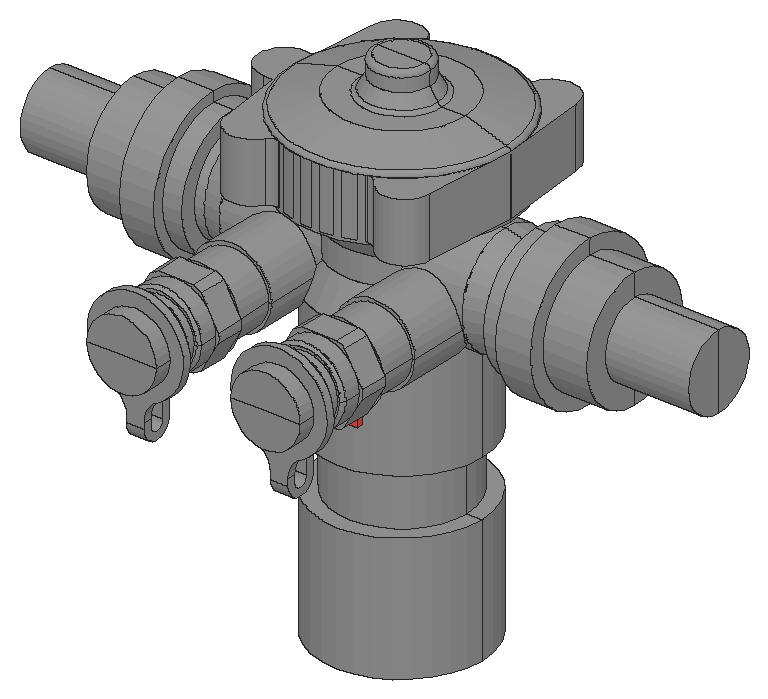
Revit family "Комби-клапан – регулятор расхода 4006_M_SMART_LF_MF", category Rohrzubehör, Revit 2018
Family settings
  Bemaßung runder Anschluss = Durchmesser verwenden
  Teiletyp = Unterbricht
  OmniClass-Nummer = 23.65.55.14
  OmniClass-Titel = Valves for Liquid Services
  Arbeitsebenenbasiert = Nein
  Immer vertikal = Ja
  Beim Laden mit Abzugskörper schneiden = Nein
  Gemeinsam genutzt = Nein
Parameters (values of type "MF")
  Номер заказа резьбового соединения [instance] = if(and(LF, Nennweite = 15.000 mm), 1621011, if(and(MF, Nennweite = 15.000 mm), 1621002, 0))  # 1621002
  Номер заказа [instance] = if(and(LF, Nennweite = 15.000 mm), 1400620, if(and(MF, Nennweite = 15.000 mm), 1400629, 0))  # 1400629
  Мин. рабочая температура (чистая вода) = 2 °C  # constant formula
  Мин. рабочая температура (антифриз) = -20 °C  # constant formula
  Макс. рабочая температура от DN40 = 110 °C  # constant formula
  Макс. рабочая температура до DN32 = 130 °C  # constant formula
  Макс. рабочее давление = 1600000.0 Pa  # constant formula
  Среда = "Качество теплоносителя в соответствии с ÖNORM H5195 и/или предписаниями VDI-Standard 2035.\nРазрешается использование смеси этилен- или пропиленгликоля в соотношении 25-50% с водой."
  VRL01 = 30.000 mm  # constant formula
  V12 = 17.000 mm  # constant formula
  V10 = 7.000 mm  # constant formula
  V09 [instance] = L06 + 4.000 mm  # 11.000 mm
  V04 [instance] = V08 + 3.000 mm  # 13.000 mm
  V03 [instance] = V08 + 5.000 mm  # 15.000 mm
  V02 [instance] = V01 + 4.500 mm  # 12.000 mm
  V01 [instance] = Nennweite / 2  # 7.500 mm
  URL = "www.herz-armaturen.ru"
  Шпиндель = "Нержавеющая сталь 14301"  # constant formula
  SCRNSEQ = "ARM;ARM_TYP=\"DURR\";2"
  SCRNCODE = "05;04;02"  # constant formula
  S09 = 10.000 mm  # constant formula
  S08 = 30.000 mm  # constant formula
  S07 [instance] = H03 + 3.700 mm  # 10.051 mm
  S04 [instance] = V03 * 2  # 30.000 mm
  S01 [instance] = L01 + L02 + VRL01 * 2  # 135.000 mm
  R17 [instance] = size_lookup("4006M_S_LF_MF", "R17", 12.500 mm, Nennweite)  # 12.500 mm
  R16 [instance] = size_lookup("4006M_S_LF_MF", "R16", 16.500 mm, Nennweite)  # 16.500 mm
  R15 = 7.225 mm  # constant formula
  R14 = 8.070 mm  # constant formula
  R13 = 3.496 mm  # constant formula
  R12 = 6.800 mm  # constant formula
  R11 = 9.620 mm  # constant formula
  R10 = 6.800 mm  # constant formula
  R09 = 16.292 mm  # constant formula
  R08 = 13.212 mm  # constant formula
  R07 = 18.816 mm  # constant formula
  R06 = 22.000 mm  # constant formula
  R05 = 12.954 mm  # constant formula
  R04 = 7.193 mm  # constant formula
  R03 = 5.755 mm  # constant formula
  R02 = 4.670 mm  # constant formula
  R01 [instance] = size_lookup("4006M_S_LF_MF", "R01", 11.000 mm, Nennweite)  # 11.000 mm
  PN = 16  # constant formula
  Кольцевое уплотнение O-Ring = "EPDM"  # constant formula
  V08 [instance] = size_lookup("4006M_S_LF_MF", "N2", 10.000 mm, Nennweite)  # 10.000 mm
  Nennweite/2 [instance] = size_lookup("4006M_S_LF_MF", "N1", 8.000 mm, Nennweite)  # 9.000 mm
  Nennweite [instance] = 15.000 mm
  Корпус мембраны = "латунь CW602N"  # constant formula
  Мембрана = "EPDM"  # constant formula
  MF [instance] = yes
  LF [instance] = no
  L15 [instance] = size_lookup("4006M_S_LF_MF", "L15", 3.300 mm, Nennweite)  # 3.300 mm
  L14 [instance] = size_lookup("4006M_S_LF_MF", "L14", 43.477 mm, Nennweite)  # 43.477 mm
  L13 [instance] = size_lookup("4006M_S_LF_MF", "L13", 32.232 mm, Nennweite)  # 32.232 mm
  L12 [instance] = size_lookup("4006M_S_LF_MF", "L12", 6.497 mm, Nennweite)  # 6.497 mm
  L11 [instance] = size_lookup("4006M_S_LF_MF", "L11", 5.418 mm, Nennweite)  # 5.418 mm
  L10 [instance] = size_lookup("4006M_S_LF_MF", "L10", 12.434 mm, Nennweite)  # 12.434 mm
  L09 [instance] = size_lookup("4006M_S_LF_MF", "L09", 24.943 mm, Nennweite)  # 24.943 mm
  L08 [instance] = size_lookup("4006M_S_LF_MF", "L08", 28.260 mm, Nennweite)  # 28.260 mm
  L07 [instance] = size_lookup("4006M_S_LF_MF", "L07", 33.915 mm, Nennweite)  # 33.915 mm
  L06 = 7.000 mm  # constant formula
  L05 = 9.000 mm  # constant formula
  L04 = 21.000 mm  # constant formula
  L03 = 28.000 mm  # constant formula
  L02 = 34.000 mm  # constant formula
  L01 = 41.000 mm  # constant formula
  Импульсная трубка = "Медь Cu-DHP (CW024A)"  # constant formula
  Ход = 4.000 mm  # constant formula
  Hersteller = "Herz-Armaturen GmbH"  # constant formula
  H04 = 12.000 mm  # constant formula
  H03 = 6.351 mm  # constant formula
  H02 [instance] = size_lookup("4006M_S_LF_MF", "H2", 69.000 mm, Nennweite)  # 69.000 mm
  H01 [instance] = size_lookup("4006M_S_LF_MF", "H1", 35.000 mm, Nennweite)  # 35.000 mm
  H [instance] = 112.553 mm  # constant formula
  Корпус = "Латунь, устойчивая к селективной цинковой коррозии"  # constant formula
  E20 = 108.221 mm  # constant formula
  E19 = 5.000 mm  # constant formula
  E18 = 5.150 mm  # constant formula
  E17 = 28.850 mm  # constant formula
  E16 = 23.700 mm  # constant formula
  E15 = 21.877 mm  # constant formula
  E14 = 20.506 mm  # constant formula
  E13 = 11.063 mm  # constant formula
  E12 = 9.001 mm  # constant formula
  E11 = 10.700 mm  # constant formula
  E10 = 20.427 mm  # constant formula
  E09 = 20.075 mm  # constant formula
  E08 = 20.825 mm  # constant formula
  E07 = 5.150 mm  # constant formula
  E06 = 17.921 mm  # constant formula
  E05 = 20.519 mm  # constant formula
  E04 = 19.704 mm  # constant formula
  E03 = 18.385 mm  # constant formula
  E02 = 20.014 mm  # constant formula
  E01 = 23.000 mm  # constant formula
  Пружина = "Пружинная нержавеющая сталь"  # constant formula
  Защитный колпачок = "Пластик"  # constant formula
  B09 = 7.998 mm  # constant formula
  B08 = 23.556 mm  # constant formula
  B07 = 30.908 mm  # constant formula
  B06 = 39.471 mm  # constant formula
  B05 = 40.933 mm  # constant formula
  B04 = 41.901 mm  # constant formula
  B03 = 44.372 mm  # constant formula
  B02 = 45.400 mm  # constant formula
  B01 = 50.000 mm  # constant formula
  Область применения = "Комби-клапан применяется в системах отопления и охлаждения с насосами. Комби-клапан автоматически ограничивает расход на выбранном участке системы до заданного значения, компенсируя все колебания давления. При этом нет необходимости в измерениях, а регулирование эффективно при любых условиях эксплуатации. Комби-клапан регулирует расход в соответствии с настройкой до заданного значения; на мембрану воздействует давление непосредственно до и после регулирующей части."
Types (3, lengths in mm): name | Номер заказа резьбового соединения | Номер заказа | MF | LF
  (no name) | 1621002 | 1400629 | yes | no
  LF | 1621011 | 1400620 | no | yes
  MF | 1621002 | 1400629 | yes | no
Reference planes
  plane 1 "Mitte (Vorne/hinten)": y = 0
  plane 2: z = 0
  plane 3 "Mitte (Links/rechts)": x = 0
Forms (mm)
  Revolve 1, solid, material "Messing, weicher Gelbton, geschweißt", detail levels fine
    sketch origin (0, 0, 0) x (1, 0, 0) y (0, 0, 1)
      loop
        line (-41, 9) -> (-34, 9) -> (-34, 0) -> (27, 0) -> (27, 9) -> (34, 9) -> (34, 10) -> (25, 10) -> (21, 11) -> (-28, 11) -> (-32, 10) -> (-41, 10) -> (-41, 9)
      axis (-41, 0) -> (34, 0)
    angle from 0 to 360
  Revolve 2, solid, material "Messing, weicher Gelbton, geschweißt", detail levels fine
    sketch origin (0, 0, 0) x (1, 0, 0) y (0, 0, 1)
      loop
        line (0, -69) -> (16.292, -69) -> (16.292, -43.477) -> (13.212, -43.477) -> (13.212, -32.232) -> (16.292, -32.232) -> (16.292, -6.497) -> (13.212, 0.106) -> (13.212, 5.418) -> (18.816, 12.434) -> (22, 12.434) -> (22, 24.943)
        arc (22, 24.943) -> (21.752, 25.523) -> (21.223, 25.866) r 1.085
        line (21.223, 25.866) -> (12.954, 28.26) -> (8.134, 28.26)
        arc (8.134, 28.26) -> (7.591, 28.406) -> (7.193, 28.803) r 1.086
        line (7.193, 28.803) -> (5.755, 31.294) -> (5.755, 33.915)
        arc (5.755, 33.915) -> (5.437, 34.682) -> (4.67, 35) r 1.085
        line (4.67, 35) -> (0, 35) -> (0, -69)
      axis (0, 35) -> (0, -69)
    angle from 0 to 360
  Extrusion 3, solid, material "Messing, weicher Gelbton, geschweißt", detail levels fine
    sketch origin (0, 0, 28.917) x (1, 0, 0) y (0, 1, 0)
      loop
        arc (-20.506, 17.921) -> (-21.381, 11.556) -> (-21.877, 5.15) r 108.259
        line (-21.877, 5.15) -> (-23.7, 5.15)
        arc (-23.7, 5.15) -> (-27.342, 3.642) -> (-28.85, 0) r 5.15
        arc (-28.85, 0) -> (-27.342, -3.642) -> (-23.7, -5.15) r 5.15
        line (-23.7, -5.15) -> (-21.877, -5.15)
        arc (-21.877, -5.15) -> (-21.356, -11.79) -> (-20.427, -18.385) r 108.259
        arc (-20.427, -18.385) -> (-16.688, -23.223) -> (-11.063, -20.825) r 5
        arc (-11.063, -20.825) -> (-10.143, -20.146) -> (-9.001, -20.075) r 2.019
        arc (-9.001, -20.075) -> (0, -22.001) -> (9.001, -20.075) r 22.001
        arc (9.001, -20.075) -> (10.143, -20.145) -> (11.063, -20.825) r 2.019
        arc (11.063, -20.825) -> (16.688, -23.223) -> (20.427, -18.385) r 5
        arc (20.427, -18.385) -> (22, 0) -> (20.427, 18.385) r 108.221
        arc (20.427, 18.385) -> (16.253, 23.316) -> (10.7, 20.014) r 5
        arc (10.7, 20.014) -> (9.88, 19.699) -> (9.001, 19.704) r 2.379
        arc (9.001, 19.704) -> (0, 21.663) -> (-9.001, 19.704) r 21.663
        arc (-9.001, 19.704) -> (-10.161, 19.785) -> (-11.063, 20.519) r 1.927
        arc (-11.063, 20.519) -> (-16.774, 22.818) -> (-20.506, 17.921) r 5.079
    from -15.973 to -3.973
  Revolve 4, solid, material "Messing, weicher Gelbton, geschweißt", detail levels fine
    sketch origin (0, 0, -3.3) x (1, 0, 0) y (0, 1, 0)
      loop
        line (-24.57, -7.998) -> (-24.57, -22.322) -> (-16.5, -22.322) -> (-16.5, -7.998) -> (-24.57, -7.998)
      axis (-16.5, -7.998) -> (-16.5, -22.322)
    angle from 0 to 360
  Revolve 5, solid, material "Messing, weicher Gelbton, geschweißt", detail levels fine
    sketch origin (-4, 0, -3.3) x (-1, 0, 0) y (0, -1, 0)
      loop
        line (-24.57, 7.998) -> (-16.5, 7.998) -> (-16.5, 22.322) -> (-24.57, 22.322) -> (-24.57, 7.998)
      axis (-16.5, 7.998) -> (-16.5, 22.322)
    angle from 0 to 360
  Revolve 6, solid, material "Messing, weicher Gelbton, geschweißt"
    sketch origin (0, 0, 0) x (1, 0, 0) y (0, 0, 1)
      loop
        line (34, 0) -> (64, 0) -> (64, 7.5) -> (47, 7.5) -> (47, 12) -> (38, 12) -> (38, 15) -> (31, 15) -> (31, 13) -> (27, 13) -> (27, 10) -> (34, 10) -> (34, 0)
      axis (27, 0) -> (64, 0)
    angle from 0 to 360
  Revolve 7, solid, material "Messing, weicher Gelbton, geschweißt", detail levels fine
    sketch origin (-7, 0, 0) x (-1, 0, 0) y (0, 0, -1)
      loop
        line (34, 0) -> (34, -10) -> (27, -10) -> (27, -13) -> (31, -13) -> (31, -15) -> (38, -15) -> (38, -12) -> (47, -12) -> (47, -7.5) -> (64, -7.5) -> (64, 0) -> (34, 0)
      axis (27, 0) -> (64, 0)
    angle from 0 to 360
Lines and regions (mm)
  model lines, detail levels coarse+medium
    curve 1: line (67.5, -15, 0) -> (67.5, 15, 0)
    curve 2: line (67.5, 15, 0) -> (-67.5, -15, 0)
    curve 3: line (-67.5, -15, 0) -> (-67.5, 15, 0)
    curve 4: line (-67.5, 15, 0) -> (67.5, -15, 0)
    curve 5: line (-67.5, 14.673, 0) -> (0, -12.434, 0)
    curve 6: line (0, -12.434, 0) -> (67.5, 14.673, 0)
    curve 7: line (0, -12.434, 0) -> (0, -24.949, 0)
    curve 8: spline (-22, -29.974, 0) -> (-21.25, -28.674, 0) -> (-19.053, -27.462, 0) -> (-15.556, -26.421, 0) -> (-11, -25.622, 0) -> (-5.694, -25.12, 0) -> (0, -24.949, 0) -> (5.694, -25.12, 0) -> (11, -25.622, 0) -> (15.556, -26.421, 0) -> (19.053, -27.462, 0) -> (21.25, -28.674, 0) -> (22, -29.975, 0) -> (21.25, -31.275, 0) -> (19.053, -32.487, 0) -> (15.556, -33.528, 0) -> (11, -34.327, 0) -> (5.694, -34.829, 0) -> (0, -35, 0) -> (-5.694, -34.829, 0) -> (-11, -34.327, 0) -> (-15.556, -33.528, 0) -> (-19.053, -32.487, 0) -> (-21.25, -31.275, 0) -> (-22, -29.974, 0)
    curve 9: line (-67.5, 0, 15) -> (-67.5, 0, -15)
    curve 10: line (-67.5, 0, -15) -> (67.5, 0, 15)
    curve 11: line (67.5, 0, 15) -> (67.5, 0, -15)
    curve 12: line (67.5, 0, -15) -> (-67.5, 0, 15)
    curve 13: line (67.638, 0, -15.031) -> (0, 0, 12.434)
    curve 14: line (0, 0, 12.434) -> (-67.5, 0, -15)
    curve 15: line (0, 0, 12.434) -> (0, 0, 24.949)
    curve 16: spline (-22, 0, 29.975) -> (-21.25, 0, 31.275) -> (-19.053, 0, 32.487) -> (-15.556, 0, 33.528) -> (-11, 0, 34.327) -> (-5.694, 0, 34.829) -> (0, 0, 35) -> (5.694, 0, 34.829) -> (11, 0, 34.327) -> (15.556, 0, 33.528) -> (19.053, 0, 32.487) -> (21.25, 0, 31.275) -> (22, 0, 29.974) -> (21.25, 0, 28.674) -> (19.053, 0, 27.462) -> (15.556, 0, 26.421) -> (11, 0, 25.622) -> (5.694, 0, 25.12) -> (0, 0, 24.949) -> (-5.694, 0, 25.12) -> (-11, 0, 25.622) -> (-15.556, 0, 26.421) -> (-19.053, 0, 27.462) -> (-21.25, 0, 28.674) -> (-22, 0, 29.975)
  model lines
    curve 17: line (-67.5, 0, 15) -> (-77.5, 0, 15)
    curve 18: line (-77.5, 0, 15) -> (-67.5, 0, 0)
    curve 19: line (-67.5, 0, -15) -> (-77.5, 0, -15)
    curve 20: line (-77.5, 0, -15) -> (-67.5, 0, 0)
    curve 21: line (-67.5, 0, 0) -> (-97.5, 0, 0)
    curve 22: line (67.5, 0, 15) -> (77.5, 0, 15)
    curve 23: line (77.5, 0, 15) -> (67.5, 0, 0)
    curve 24: line (67.5, 0, 0) -> (97.5, 0, 0)
    curve 25: line (67.5, 0, -15) -> (77.5, 0, -15)
    curve 26: line (77.5, 0, -15) -> (67.5, 0, 0)
    curve 27: line (20.57, 0, -3.3) -> (-174.43, 0, -3.3)
Dimensions and locks
  "H02": level to Revolve 2 sketch curve
  "L01": plane 3 "Mitte (Links/rechts)" to Revolve 1 sketch curve
  "V08": Revolve 1 sketch curve to Revolve 1 sketch curve  (x2)
  "Nennweite/2": Revolve 1 sketch curve to Revolve 1 sketch curve  (x2)
  "E01": plane 1 "Mitte (Vorne/hinten)" to Extrusion 3 sketch curve
  "L03": plane 3 "Mitte (Links/rechts)" to Revolve 1 sketch curve
  "L04": Revolve 1 sketch curve to plane 3 "Mitte (Links/rechts)"
  "L05": Revolve 1 sketch curve to Revolve 1 sketch curve  (x2)
  "L06": Revolve 1 sketch curve to Revolve 1 sketch curve  (x2)
  "L02": Revolve 1 sketch curve to plane 3 "Mitte (Links/rechts)"
  "H01": Revolve 2 sketch curve to level
  "R02": Revolve 2 sketch curve to Revolve 2 sketch curve
  "R03": Revolve 2 sketch curve to Revolve 2 sketch curve
  "R04": Revolve 2 sketch curve to Revolve 2 sketch curve
  "R05": Revolve 2 sketch curve to Revolve 2 sketch curve
  "R06": Revolve 2 sketch curve to Revolve 2 sketch curve
  "R07": Revolve 2 sketch curve to Revolve 2 sketch curve
  "R08": Revolve 2 sketch curve to Revolve 2 sketch curve  (x2)
  "R09": Revolve 2 sketch curve to Revolve 2 sketch curve  (x2)
  "L07": Revolve 2 sketch curve to plane 2
  "L08": Revolve 2 sketch curve to plane 2
  "L09": Revolve 2 sketch curve to plane 2
  "L10": Revolve 2 sketch curve to plane 2
  "L11": Revolve 2 sketch curve to plane 2
  "L12": plane 2 to Revolve 2 sketch curve
  "L13": plane 2 to Revolve 2 sketch curve
  "L14": plane 2 to Revolve 2 sketch curve
  "B09": Revolve 4 sketch curve to plane 1 "Mitte (Vorne/hinten)"
  "R14": Revolve 4 sketch curve to Revolve 4 sketch curve
  "R14": Revolve 5 sketch curve to Revolve 5 sketch curve
  "B09": plane 1 "Mitte (Vorne/hinten)" to Revolve 5 sketch curve
  "R17": plane 3 "Mitte (Links/rechts)" to Revolve 5 sketch curve
  "E02": plane 1 "Mitte (Vorne/hinten)" to Extrusion 3 sketch curve
  "E03": plane 1 "Mitte (Vorne/hinten)" to Extrusion 3 sketch curve
  "E04": plane 1 "Mitte (Vorne/hinten)" to Extrusion 3 sketch curve  (x2)
  "E05": plane 1 "Mitte (Vorne/hinten)" to Extrusion 3 sketch curve
  "E06": plane 1 "Mitte (Vorne/hinten)" to Extrusion 3 sketch curve
  "E07": plane 1 "Mitte (Vorne/hinten)" to Extrusion 3 sketch curve  (x2)
  "E03": Extrusion 3 sketch curve to plane 1 "Mitte (Vorne/hinten)"  (x2)
  "E08": Extrusion 3 sketch curve to plane 1 "Mitte (Vorne/hinten)"  (x2)
  "E09": Extrusion 3 sketch curve to plane 1 "Mitte (Vorne/hinten)"  (x2)
  "E07": Extrusion 3 sketch curve to plane 1 "Mitte (Vorne/hinten)"
  "E10": plane 3 "Mitte (Links/rechts)" to Extrusion 3 sketch curve  (x2)
  "E11": plane 3 "Mitte (Links/rechts)" to Extrusion 3 sketch curve
  "E12": plane 3 "Mitte (Links/rechts)" to Extrusion 3 sketch curve  (x2)
  "E12": Extrusion 3 sketch curve to plane 3 "Mitte (Links/rechts)"  (x2)
  "E13": Extrusion 3 sketch curve to plane 3 "Mitte (Links/rechts)"  (x2)
  "E14": Extrusion 3 sketch curve to plane 3 "Mitte (Links/rechts)"
  "E15": Extrusion 3 sketch curve to plane 3 "Mitte (Links/rechts)"  (x2)
  "E16": Extrusion 3 sketch curve to plane 3 "Mitte (Links/rechts)"  (x2)
  "E17": Extrusion 3 sketch curve to plane 3 "Mitte (Links/rechts)"
  "E10": Extrusion 3 sketch curve to plane 3 "Mitte (Links/rechts)"
  "E13": plane 3 "Mitte (Links/rechts)" to Extrusion 3 sketch curve
  "H03": Revolve 2 to Extrusion 3
  "R16": Revolve 4 sketch curve to plane 3 "Mitte (Links/rechts)"
  "H04": Extrusion 3 to Extrusion 3
  "R01": Revolve 1 sketch curve to Revolve 1 sketch curve
  "L06": Revolve 6 sketch curve to Revolve 6 sketch curve
  "V09": Revolve 6 sketch curve to Revolve 6 sketch curve
  "V10": Revolve 6 sketch curve to Revolve 6 sketch curve
  "V12": Revolve 6 sketch curve to Revolve 6 sketch curve
  "V01": Revolve 6 sketch curve to plane 2
  "V02": Revolve 6 sketch curve to plane 2
  "V08": Revolve 6 sketch curve to plane 2
  "V04": Revolve 6 sketch curve to plane 2
  "V03": Revolve 6 sketch curve to plane 2
  "L02": Revolve 6 sketch curve to plane 3 "Mitte (Links/rechts)"
  "L06": Revolve 7 sketch curve to Revolve 7 sketch curve
  "V09": Revolve 7 sketch curve to Revolve 7 sketch curve
  "V10": Revolve 7 sketch curve to Revolve 7 sketch curve
  "V12": Revolve 7 sketch curve to Revolve 7 sketch curve
  "V01": Revolve 7 sketch curve to plane 2
  "V02": Revolve 7 sketch curve to plane 2
  "V03": Revolve 7 sketch curve to plane 2
  "V04": Revolve 7 sketch curve to plane 2
  "V08": Revolve 7 sketch curve to plane 2
  "L01": plane 3 "Mitte (Links/rechts)" to Revolve 7 sketch curve
  "S04": curve 3 to curve 4
  "S04": curve 4 to curve 2
  "S01": curve 3 to curve 1
  equal spacing: curve 3, plane 3 "Mitte (Links/rechts)", curve 1
  equal spacing: curve 3, plane 1 "Mitte (Vorne/hinten)", curve 4
  equal spacing: curve 4, plane 1 "Mitte (Vorne/hinten)", curve 2
  "R06": curve 8 to plane 3 "Mitte (Links/rechts)" to curve 8
  "S07": curve 8 to curve 8
  "H01": curve 8 to plane 1 "Mitte (Vorne/hinten)"
  "L10": curve 7 to plane 1 "Mitte (Vorne/hinten)"
  "S01": curve 9 to curve 11
  "R06": curve 16 to plane 3 "Mitte (Links/rechts)" to curve 16
  "S07": curve 16 to curve 16
  "H01": curve 16 to plane 2
  "L10": curve 15 to plane 2
  equal spacing: curve 9, plane 3 "Mitte (Links/rechts)", curve 11
  "S04": curve 12 to curve 10
  "S04": curve 11 to curve 12
  equal spacing: curve 12, plane 2, curve 14
  equal spacing: curve 11, plane 2, curve 12
  "VRL01": Revolve 7 sketch curve to Revolve 7 sketch curve
  "VRL01": Revolve 6 sketch curve to Revolve 6 sketch curve
  "S09": curve 18 to curve 9
  "S09": curve 20 to curve 9
  "S08": curve 21 to curve 9
  "V03": curve 17 to plane 2 to curve 19
  "S09": curve 11 to curve 23
  "S09": curve 11 to curve 26
  "S08": curve 11 to curve 24
  "V03": curve 22 to plane 2 to curve 25
  "L15": plane 2 to Revolve 4
  "L15": plane 2 to Revolve 5
  "L15": plane 2 to nested 2
  "L15": plane 2 to nested 3
  "B01": nested 2 to plane 1 "Mitte (Vorne/hinten)"
  "B01": nested 3 to plane 1 "Mitte (Vorne/hinten)"
  "E18": radius of Extrusion 3 sketch curve  (x2)
  "E19": radius of Extrusion 3 sketch curve  (x3)
  "E20": radius of Extrusion 3 sketch curve
  aligned and locked: level to plane 2
Automatic sketch dimensions
  curve 20 to level = 0.000 mm
  curve 23 to level = 0.000 mm
  curve 17 to curve 20 = 10.000 mm
  curve 23 to curve 22 = 10.000 mm
  curve 27 to level = 3.300 mm
  curve 27 to curve 21 = 76.930 mm
  curve 19 to curve 19 = 10.000 mm
  curve 17 to curve 17 = 10.000 mm
  plane 3 "Mitte (Links/rechts)" to curve 27 = 20.570 mm
  curve 22 to curve 22 = 10.000 mm
  curve 25 to curve 25 = 10.000 mm
  curve 6 to plane 3 "Mitte (Links/rechts)" = 0.000 mm
  curve 6 to curve 1 = 0.327 mm
  curve 5 to curve 3 = 0.327 mm
  Revolve 1 sketch curve to level = 0.000 mm  (x2)
  Revolve 1 sketch curve to Revolve 1 sketch curve = 1307.458 mm
  Revolve 1 sketch curve to Revolve 1 sketch curve = 1854.450 mm
  Revolve 2 sketch curve to plane 3 "Mitte (Links/rechts)" = 0.000 mm  (x2)
  Revolve 2 sketch curve to Revolve 2 sketch curve = 0.941 mm
  Revolve 2 sketch curve to Revolve 2 sketch curve = 1.078 mm
  Revolve 2 sketch curve to Revolve 2 sketch curve = 0.302 mm
  level to Revolve 2 sketch curve = 0.106 mm
  Revolve 2 sketch curve to Revolve 2 sketch curve = 0.119 mm
  Revolve 2 sketch curve to Revolve 2 sketch curve = 0.543 mm
  Revolve 2 sketch curve to Revolve 2 sketch curve = 2.621 mm
  Revolve 2 sketch curve to Revolve 2 sketch curve = 297.045 mm
  Revolve 2 sketch curve to Revolve 2 sketch curve = 2179.315 mm
  Extrusion 3 sketch curve to Extrusion 3 sketch curve = 0.000 mm  (x4)
  plane 1 "Mitte (Vorne/hinten)" to Extrusion 3 sketch curve = 0.000 mm
  Extrusion 3 sketch curve to Extrusion 3 sketch curve = 1.610 mm  (x2)
  Extrusion 3 sketch curve to Extrusion 3 sketch curve = 0.451 mm
  Extrusion 3 sketch curve to Extrusion 3 sketch curve = 0.452 mm
  Revolve 4 sketch curve to Revolve 4 sketch curve = 14.324 mm
  Revolve 4 sketch curve to Revolve 4 sketch curve = 0.000 mm  (x3)
  Revolve 5 sketch curve to Revolve 5 sketch curve = 14.324 mm
  Revolve 5 sketch curve to Revolve 5 sketch curve = 0.000 mm  (x3)
  Revolve 6 sketch curve to level = 0.000 mm  (x2)
  Revolve 6 sketch curve to Revolve 6 sketch curve = 0.000 mm  (x2)
  Revolve 7 sketch curve to level = 0.000 mm  (x2)
  Revolve 7 sketch curve to Revolve 7 sketch curve = 0.000 mm  (x2)
  curve 14 to plane 3 "Mitte (Links/rechts)" = 0.000 mm
  curve 9 to level = 15.000 mm
  curve 13 to level = 15.031 mm
Nested families
  nested 1: "Herz-Logo-vorne" at (0, -16.056, -19.148) x (0, 1, 0) z (0, 0, 1), type "Herz-Logo-vorne"
  nested 2: "Messstutzen_Band_Eintritt" at (-16.5, -13.322, -3.3), type "Messstutzen_Band_Eintritt"
    with Schutzkappe yes, Nennweite 0.000 mm, Gewicht 0.00 kg, Bestellnummer 0
  nested 3: "Messstutzen_Band_Austritt" at (12.5, -13.322, -3.3), type "Messstutzen_Band_Austritt"
    with Schutzkappe yes, Nennweite 0.000 mm, Gewicht 0.00 kg, Bestellnummer 0
Connectors
  piping at (64, 0, 0), diameter 15, driven by "Nennweite"
    settings: on Revolve 6, index 1, connector inside diameter 609.6 mm, connector length 0.000 mm, flow factor 0, pipe flow 0.0 L/s, pressure drop 0.0 Pa, fitting loss kfactor 0, connector angle 0.00°, fixture units 0, engagement length 0.000 mm, angle of deflection 0.00°, flow configuration 0, flow direction 2, fitting loss method 0, system type 29, joint type 0, gender type 0, connector reference index -1, connector utility 0, adjustable connector no, is connector primary yes, connector description ""
  piping at (-71, 0, 0), diameter 15, driven by "Nennweite"
    settings: on Revolve 7, index 2, connector inside diameter 609.6 mm, connector length 0.000 mm, flow factor 0, pipe flow 0.0 L/s, pressure drop 0.0 Pa, fitting loss kfactor 0, connector angle 0.00°, fixture units 0, engagement length 0.000 mm, angle of deflection 0.00°, flow configuration 0, flow direction 1, fitting loss method 0, system type 29, joint type 0, gender type 0, connector reference index -1, connector utility 0, adjustable connector no, is connector primary no, connector description ""
Definition of nested family "Herz-Logo-vorne"
  Reference planes
    plane 1 "Mitte (Vorne/hinten)": y = 0
    plane 2: z = 0
    plane 3 "Mitte (Links/rechts)": x = 0
  Forms (mm)
    Extrusion 1, solid
      sketch origin (0.732, -0.018, 0.017) x (0, -1, 0) y (0, 0, 1)
        loop
          line (-0.018, -4.517) -> (4.482, -4.517) -> (4.482, 4.483) -> (-4.518, 4.483) -> (-4.518, -4.517) -> (-0.018, -4.517)
        loop
          line (-0.05, -3.48) -> (3.482, -3.48) -> (3.482, 3.483) -> (-3.518, 3.483) -> (-3.518, -3.48) -> (-0.05, -3.48)
        loop
          arc (-0.018, 2.383) -> (-1.543, 3.287) -> (-3.067, 2.383) r 1.738
          arc (-3.067, 2.383) -> (-3.191, 1.899) -> (-3.067, 1.415) r 1.009
          line (-3.067, 1.415) -> (-0.018, -3.281) -> (3.032, 1.415)
          arc (3.032, 1.415) -> (3.156, 1.899) -> (3.032, 2.383) r 1.009
          arc (3.032, 2.383) -> (1.507, 3.287) -> (-0.018, 2.383) r 1.738
        loop
          arc (1.885, 1.272) -> (2.005, 1.675) -> (1.885, 2.079) r 0.74
          arc (1.885, 2.079) -> (1.265, 2.416) -> (0.644, 2.079) r 0.74
          line (0.644, 2.079) -> (-0.018, 0.97) -> (-0.679, 2.079)
          arc (-0.679, 2.079) -> (-1.3, 2.416) -> (-1.921, 2.079) r 0.74
          arc (-1.921, 2.079) -> (-2.04, 1.675) -> (-1.921, 1.272) r 0.74
          line (-1.921, 1.272) -> (-0.018, -1.658) -> (1.885, 1.272)
      from 0 to 1.5
  Dimensions and locks
    aligned and locked: level to plane 2
Definition of nested family "Messstutzen_Band_Eintritt"
  Parameters (values of type "Messstutzen_Band_Eintritt")
    URL = "www.herz-armaturen.at"
    Schutzkappe [instance] = yes
    Nennweite [instance] = 0.000 mm
    Manufacturer = "Herz Armaturen GmbH"  # constant formula
    Gewicht [instance] = 0.00 kg
    Bestellnummer [instance] = 0
  Reference planes
    plane 1 "Mitte (Vorne/hinten)": y = 0
    plane 2: z = 0
    plane 3 "Mitte (Links/rechts)": x = 0
    plane 4 "Schlaufe 1": y = -27
    plane 5 "Schlaufe 2": y = -31.678
  Forms (mm)
    Revolve 1, solid, detail levels fine
      sketch origin (0, 0, 0) x (1, 0, 0) y (0, 1, 0)
        loop
          line (-7.4, -9) -> (-7.4, -16.5)
          arc (-7.4, -16.5) -> (-7.693, -17.207) -> (-8.4, -17.5) r 1
          line (-8.4, -17.5) -> (-2, -17.5) -> (-2, 0) -> (-5.555, 0) -> (-6.455, -0.9) -> (-6.455, -4.681) -> (-5.843, -5.293)
          arc (-5.843, -5.293) -> (-5.626, -5.617) -> (-5.55, -6) r 1
          line (-5.55, -6) -> (-5.55, -9) -> (-7.4, -9)
        loop
          line (-3.7, -27) -> (-3.7, -30.45) -> (-4.415, -30.863) -> (-4.415, -35.19) -> (-3.805, -35.8) -> (-2, -35.8) -> (-2, -23) -> (-7.9, -23) -> (-7.9, -26.4) -> (-7.3, -27) -> (-3.7, -27)
        axis (0, 0) -> (0, -35.8)
      angle from 0 to 360
    Extrusion 2, solid, detail levels fine
      sketch origin (0, -17.5, 0) x (-1, 0, 0) y (0, 0, -1)
        loop
          line (5.156, -7.07) -> (8.7, -0.93)
          arc (8.7, -0.93) -> (8.75, 0) -> (8.7, 0.93) r 8.75
          line (8.7, 0.93) -> (5.156, 7.07)
          arc (5.156, 7.07) -> (4.375, 7.578) -> (3.544, 8) r 8.75
          line (3.544, 8) -> (-3.544, 8)
          arc (-3.544, 8) -> (-4.375, 7.578) -> (-5.156, 7.07) r 8.75
          line (-5.156, 7.07) -> (-8.7, 0.93)
          arc (-8.7, 0.93) -> (-8.75, 0) -> (-8.7, -0.93) r 8.75
          line (-8.7, -0.93) -> (-5.156, -7.07)
          arc (-5.156, -7.07) -> (-4.375, -7.578) -> (-3.544, -8) r 8.75
          line (-3.544, -8) -> (3.544, -8)
          arc (3.544, -8) -> (4.375, -7.578) -> (5.156, -7.07) r 8.75
      from 0 to 5.5
    Revolve 3, solid, visible <- "Schutzkappe", detail levels fine
      sketch origin (0, 0, 0) x (1, 0, 0) y (0, 1, 0)
        loop
          line (0, -35.878) -> (-3.805, -35.878) -> (-4.415, -35.268) -> (-4.415, -30.178) -> (-6.9, -30.178) -> (-6.9, -31.678) -> (-6.1, -31.678) -> (-6.1, -33.378) -> (-7, -33.378) -> (-7, -36.678) -> (0, -36.678) -> (0, -35.878)
        axis (0, -30.178) -> (0, -36.678)
      angle from 0 to 360
    Extrusion 4, solid, detail levels fine
      sketch origin (0, -27, 0) x (0, 0, -1) y (-1, 0, 0)
        loop
          circle (0, 0) r 3.7
        loop
          arc (5.505, 3.906) -> (-6.75, 0) -> (5.505, -3.906) r 6.75
          arc (5.505, -3.906) -> (7.288, -2.358) -> (9.582, -1.8) r 5
          line (9.582, -1.8) -> (9.582, 1.8)
          arc (9.582, 1.8) -> (7.288, 2.358) -> (5.505, 3.906) r 5
      from 0 to -1.5
    Extrusion 5, solid, detail levels fine
      sketch origin (0, -31.678, 0) x (0, 0, -1) y (-1, 0, 0)
        loop
          circle (0, 0) r 6.1
        loop
          arc (8.652, 4.495) -> (-9.75, 0) -> (8.652, -4.495) r 9.75
          arc (8.652, -4.495) -> (10.493, -2.527) -> (13.089, -1.8) r 5
          line (13.089, -1.8) -> (13.089, 1.8)
          arc (13.089, 1.8) -> (10.493, 2.527) -> (8.652, 4.495) r 5
      from 0 to -1.5
    Sweep 6, solid, detail levels fine
      path origin (0, 0, 0) x (0, 1, 0) y (0, 0, 1)
        loop
          line (-27.75, -9.582) -> (-27.75, -14.522)
          arc (-27.75, -14.522) -> (-30.089, -16.862) -> (-32.428, -14.522) r 2.339
          line (-32.428, -14.522) -> (-32.428, -13.089)
      profile origin (0, -27.75, -12.052) x (1, 0, 0) y (0, 1, 0)
        loop
          line (-1.8, 0.75) -> (-1.8, -0.75) -> (1.8, -0.75) -> (1.8, 0.75) -> (-1.8, 0.75)
  Cuts and joins
    joined: Extrusion 4, Extrusion 5, Sweep 6
  Dimensions and locks
    aligned and locked: level to plane 2
Definition of nested family "Messstutzen_Band_Austritt"
  Parameters (values of type "Messstutzen_Band_Austritt")
    URL = "www.herz-armaturen.at"
    Schutzkappe [instance] = yes
    Nennweite [instance] = 0.000 mm
    Manufacturer = "Herz Armaturen GmbH"  # constant formula
    Gewicht [instance] = 0.00 kg
    Bestellnummer [instance] = 0
  Reference planes
    plane 1 "Mitte (Vorne/hinten)": y = 0
    plane 2: z = 0
    plane 3 "Mitte (Links/rechts)": x = 0
    plane 4 "Schlaufe 1": y = -27
    plane 5 "Schlaufe 2": y = -31.678
  Forms (mm)
    Revolve 1, solid, detail levels fine
      sketch origin (0, 0, 0) x (1, 0, 0) y (0, 1, 0)
        loop
          line (-7.4, -9) -> (-7.4, -16.5)
          arc (-7.4, -16.5) -> (-7.693, -17.207) -> (-8.4, -17.5) r 1
          line (-8.4, -17.5) -> (-2, -17.5) -> (-2, 0) -> (-5.555, 0) -> (-6.455, -0.9) -> (-6.455, -4.681) -> (-5.843, -5.293)
          arc (-5.843, -5.293) -> (-5.626, -5.617) -> (-5.55, -6) r 1
          line (-5.55, -6) -> (-5.55, -9) -> (-7.4, -9)
        loop
          line (-3.7, -27) -> (-3.7, -30.45) -> (-4.415, -30.863) -> (-4.415, -35.19) -> (-3.805, -35.8) -> (-2, -35.8) -> (-2, -23) -> (-7.9, -23) -> (-7.9, -26.4) -> (-7.3, -27) -> (-3.7, -27)
        axis (0, 0) -> (0, -35.8)
      angle from 0 to 360
    Extrusion 2, solid, detail levels fine
      sketch origin (0, -17.5, 0) x (-1, 0, 0) y (0, 0, -1)
        loop
          line (5.156, -7.07) -> (8.7, -0.93)
          arc (8.7, -0.93) -> (8.75, 0) -> (8.7, 0.93) r 8.75
          line (8.7, 0.93) -> (5.156, 7.07)
          arc (5.156, 7.07) -> (4.375, 7.578) -> (3.544, 8) r 8.75
          line (3.544, 8) -> (-3.544, 8)
          arc (-3.544, 8) -> (-4.375, 7.578) -> (-5.156, 7.07) r 8.75
          line (-5.156, 7.07) -> (-8.7, 0.93)
          arc (-8.7, 0.93) -> (-8.75, 0) -> (-8.7, -0.93) r 8.75
          line (-8.7, -0.93) -> (-5.156, -7.07)
          arc (-5.156, -7.07) -> (-4.375, -7.578) -> (-3.544, -8) r 8.75
          line (-3.544, -8) -> (3.544, -8)
          arc (3.544, -8) -> (4.375, -7.578) -> (5.156, -7.07) r 8.75
      from 0 to 5.5
    Revolve 3, solid, visible <- "Schutzkappe", detail levels fine
      sketch origin (0, 0, 0) x (1, 0, 0) y (0, 1, 0)
        loop
          line (0, -35.878) -> (-3.805, -35.878) -> (-4.415, -35.268) -> (-4.415, -30.178) -> (-6.9, -30.178) -> (-6.9, -31.678) -> (-6.1, -31.678) -> (-6.1, -33.378) -> (-7, -33.378) -> (-7, -36.678) -> (0, -36.678) -> (0, -35.878)
        axis (0, -30.178) -> (0, -36.678)
      angle from 0 to 360
    Extrusion 4, solid, detail levels fine
      sketch origin (0, -27, 0) x (0, 0, -1) y (-1, 0, 0)
        loop
          circle (0, 0) r 3.7
        loop
          arc (5.505, 3.906) -> (-6.75, 0) -> (5.505, -3.906) r 6.75
          arc (5.505, -3.906) -> (7.288, -2.358) -> (9.582, -1.8) r 5
          line (9.582, -1.8) -> (9.582, 1.8)
          arc (9.582, 1.8) -> (7.288, 2.358) -> (5.505, 3.906) r 5
      from 0 to -1.5
    Extrusion 5, solid, detail levels fine
      sketch origin (0, -31.678, 0) x (0, 0, -1) y (-1, 0, 0)
        loop
          circle (0, 0) r 6.1
        loop
          arc (8.652, 4.495) -> (-9.75, 0) -> (8.652, -4.495) r 9.75
          arc (8.652, -4.495) -> (10.493, -2.527) -> (13.089, -1.8) r 5
          line (13.089, -1.8) -> (13.089, 1.8)
          arc (13.089, 1.8) -> (10.493, 2.527) -> (8.652, 4.495) r 5
      from 0 to -1.5
    Sweep 6, solid, detail levels fine
      path origin (0, 0, 0) x (0, 1, 0) y (0, 0, 1)
        loop
          line (-27.75, -9.582) -> (-27.75, -14.522)
          arc (-27.75, -14.522) -> (-30.089, -16.862) -> (-32.428, -14.522) r 2.339
          line (-32.428, -14.522) -> (-32.428, -13.089)
      profile origin (0, -27.75, -12.052) x (1, 0, 0) y (0, 1, 0)
        loop
          line (-1.8, 0.75) -> (-1.8, -0.75) -> (1.8, -0.75) -> (1.8, 0.75) -> (-1.8, 0.75)
  Cuts and joins
    joined: Extrusion 4, Extrusion 5, Sweep 6
  Dimensions and locks
    aligned and locked: level to plane 2
